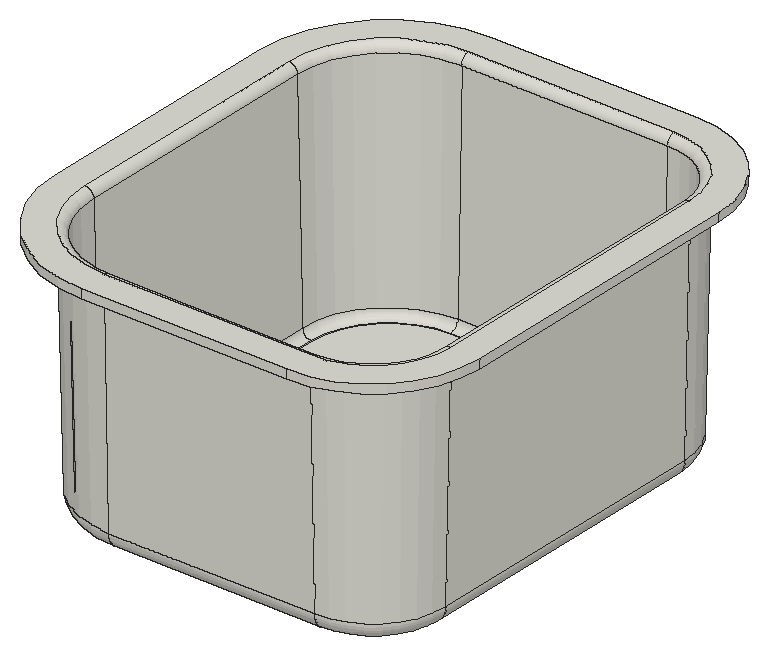
Revit family "Sink-Corian-Sweet-809", category Plumbing Fixtures, host Face, Revit 2015
Parameters (values of type "809")
  Width = 318 mm
  WFU = 0
  Version = "2014 - v1.0a"  # constant formula
  URL = "http://www.dupont.com/products-and-services/construction-materials/surface-design-materials.html"
  Sink Colors Available = "Bone, Cameo White, Designer White, Glacier White, Vanilla"
  Product Page URL = "http://www.dupont.co.uk/products-and-services/construction-materials/surface-design-materials/brands/corian-solid-surfaces/products/sinks.html"
  Model = "Sweet 809"  # constant formula
  Manufacturer = "DuPont"  # constant formula
  Length = 368 mm
  Interior Width = 265 mm
  Interior Length = 316 mm
  HWFU = 0
  Finish = Solid Surface Sink - DuPont - Bone
  Description = "Kitchen Sink Europe Specification"  # constant formula
  Depth = 180.975 mm
  Default Elevation = 1219.2 mm
  Cost = 0
  CWFU = 0
Reference planes
  plane 1 "Center (Front/Back)": y = 0
  plane 2: z = 0
  plane 3 "Center (Left/Right)": x = 0
  plane 4: y = 184
  plane 5: y = -184
  plane 6: x = -159
  plane 7: x = 159
  plane 8: z = -192.975
  plane 9: x = -132.5
  plane 10: x = 132.5
  plane 11: y = 158
  plane 12: y = -158
  plane 13 "NAME": z = -12
Forms (mm)
  Extrusion 1, void
    sketch origin (0, 0, 0) x (1, 0, 0) y (0, 1, 0)
      loop
        line (81.7, 156.905) -> (-65.825, 156.905)
        arc (-65.825, 156.905) -> (-112.197, 137.697) -> (-131.405, 91.325) r 65.58
        line (-131.405, 91.325) -> (-131.405, -91.325)
        arc (-131.405, -91.325) -> (-112.197, -137.697) -> (-65.825, -156.905) r 65.58
        line (-65.825, -156.905) -> (81.7, -156.905)
        arc (81.7, -156.905) -> (116.847, -142.347) -> (131.405, -107.2) r 49.705
        line (131.405, -107.2) -> (131.405, 107.2)
        arc (131.405, 107.2) -> (116.847, 142.347) -> (81.7, 156.905) r 49.705
    from -192.975 to 0
  Sweep 2, solid, material "Solid Surface Sink - DuPont - Bone" <- "Finish"
    path origin (-322.065, -4572, -12) x (-1, 0, 0) y (0, -1, 0)
      loop
        arc (-256.24, -4730) -> (-209.093, -4710.471) -> (-189.565, -4663.325) r 66.675
        line (-189.565, -4663.325) -> (-189.565, -4480.675)
        arc (-189.565, -4480.675) -> (-209.093, -4433.529) -> (-256.24, -4414) r 66.675
        line (-256.24, -4414) -> (-403.765, -4414)
        arc (-403.765, -4414) -> (-439.686, -4428.879) -> (-454.565, -4464.8) r 50.8
        line (-454.565, -4464.8) -> (-454.565, -4679.2)
        arc (-454.565, -4679.2) -> (-439.686, -4715.121) -> (-403.765, -4730) r 50.8
        line (-403.765, -4730) -> (-256.24, -4730)
    profile origin (7.937, 158, -12) x (0, 1, 0) y (0, 0, 1)
      loop
        arc (5.251, 0) -> (0.848, -1.774) -> (-1.095, -6.106) r 6.35
        line (-1.095, -6.106) -> (-4.741, -167.709)
        arc (-4.741, -167.709) -> (-6.607, -172.214) -> (-11.112, -174.08) r 6.371
        line (-11.112, -174.08) -> (-11.112, -180.975)
        arc (-11.112, -180.975) -> (-2.103, -177.196) -> (1.514, -168.121) r 12.629
        line (1.514, -168.121) -> (5.031, -11.932)
        arc (5.031, -11.932) -> (6.807, -7.972) -> (10.832, -6.35) r 5.805
        line (10.832, -6.35) -> (26, -6.35) -> (26, 0) -> (5.251, 0)
  Extrusion 3, void, detail levels medium+fine
    sketch origin (-322.065, -4572, -12) x (0, -1, 0) y (-1, 0, 0)
      loop
        circle (-4572, -322.065) r 44.45
    from 174.08 to 180.975
  Extrusion 4, solid, material "Solid Surface Sink - DuPont - Bone" <- "Finish"
    sketch origin (-322.065, -4572, -12) x (-1, 0, 0) y (0, -1, 0)
      loop
        line (-200.677, -4663.325) -> (-200.677, -4480.675)
        arc (-200.677, -4480.675) -> (-216.951, -4441.386) -> (-256.24, -4425.112) r 55.563
        line (-256.24, -4425.112) -> (-403.765, -4425.113)
        arc (-403.765, -4425.113) -> (-431.828, -4436.737) -> (-443.452, -4464.8) r 39.688
        line (-443.452, -4464.8) -> (-443.452, -4691.9)
        arc (-443.452, -4691.9) -> (-435.548, -4710.983) -> (-416.465, -4718.887) r 26.988
        line (-416.465, -4718.887) -> (-256.24, -4718.888)
        arc (-256.24, -4718.888) -> (-216.951, -4702.614) -> (-200.677, -4663.325) r 55.562
    from -180.975 to -174.08
Cuts and joins
  Extrusion 3 cuts Sweep 2
  Extrusion 3 cuts Extrusion 4
Lines and regions (mm)
  Masking region 1
    outline origin (-322.065, -4572, -12) x (-1, 0, 0) y (0, -1, 0)
      loop
        arc (-256.24, -4756) -> (-190.709, -4728.856) -> (-163.565, -4663.325) r 92.675
        line (-163.565, -4663.325) -> (-163.565, -4480.675)
        arc (-163.565, -4480.675) -> (-190.709, -4415.144) -> (-256.24, -4388) r 92.675
        line (-256.24, -4388) -> (-403.765, -4388)
        arc (-403.765, -4388) -> (-458.071, -4410.494) -> (-480.565, -4464.8) r 76.8
        line (-480.565, -4464.8) -> (-480.565, -4679.2)
        arc (-480.565, -4679.2) -> (-458.071, -4733.506) -> (-403.765, -4756) r 76.8
        line (-403.765, -4756) -> (-256.24, -4756)
      loop
        line (-190.659, -4663.325) -> (-190.659, -4480.675)
        arc (-190.659, -4480.675) -> (-209.867, -4434.303) -> (-256.24, -4415.095) r 65.58
        line (-256.24, -4415.095) -> (-403.765, -4415.095)
        arc (-403.765, -4415.095) -> (-438.912, -4429.653) -> (-453.47, -4464.8) r 49.705
        line (-453.47, -4464.8) -> (-453.47, -4679.2)
        arc (-453.47, -4679.2) -> (-438.912, -4714.347) -> (-403.765, -4728.905) r 49.705
        line (-403.765, -4728.905) -> (-256.24, -4728.905)
        arc (-256.24, -4728.905) -> (-209.867, -4709.697) -> (-190.659, -4663.325) r 65.58
  Masking region 2, detail levels medium+fine
    outline origin (-322.065, -4572, -12) x (-1, 0, 0) y (0, -1, 0)
      loop
        circle (-322.065, -4572) r 44.45
  Masking region 3, detail levels fine
    outline origin (-322.065, -4572, -12) x (-1, 0, 0) y (0, -1, 0)
      loop
        line (-416.465, -4718.887) -> (-256.24, -4718.888)
        arc (-256.24, -4718.888) -> (-216.951, -4702.614) -> (-200.677, -4663.325) r 55.562
        line (-200.677, -4663.325) -> (-200.677, -4480.675)
        arc (-200.677, -4480.675) -> (-216.951, -4441.386) -> (-256.24, -4425.112) r 55.563
        line (-256.24, -4425.112) -> (-403.765, -4425.113)
        arc (-403.765, -4425.113) -> (-431.828, -4436.737) -> (-443.452, -4464.8) r 39.688
        line (-443.452, -4464.8) -> (-443.452, -4691.9)
        arc (-443.452, -4691.9) -> (-435.548, -4710.983) -> (-416.465, -4718.887) r 26.988
Dimensions and locks
  equal spacing: plane 4, plane 1 "Center (Front/Back)", plane 5
  equal spacing: plane 6, plane 3 "Center (Left/Right)", plane 7
  "Length": plane 4 to plane 5
  "Width": plane 6 to plane 7
  equal spacing: plane 9, plane 3 "Center (Left/Right)", plane 10
  equal spacing: plane 11, plane 1 "Center (Front/Back)", plane 12
  "Interior Width": plane 9 to plane 10
  "Interior Length": plane 11 to plane 12
  locked: plane 2 to plane 13 "NAME" at 12
  "Depth": plane 13 "NAME" to plane 8
  plane 3 "Center (Left/Right)" to plane 7 = 159 mm
  locked: plane 4 to Sweep 2 sketch curve (angle 1.28992°)
  locked: profile plane to Sweep 2 sketch curve (angle 1.2927°)
  aligned and locked: plane 2 to host face
  aligned and locked: level to host face
  aligned and locked: Extrusion 1 to plane 8
  aligned and locked: level to Extrusion 1
  aligned and locked: plane 13 "NAME" to Sweep 2 sketch curve  (x2)
  aligned and locked: Extrusion 3 to plane 8
  aligned and locked: Sweep 2 sketch curve to plane 11
  aligned and locked: plane 12 to Sweep 2 sketch curve
  aligned and locked: plane 9 to Sweep 2 sketch curve
  aligned and locked: Sweep 2 sketch curve to plane 10
  aligned and locked: plane 8 to Sweep 2 sketch curve
  aligned and locked: Extrusion 3 to Sweep 2
  aligned and locked: Extrusion 4 sketch curve to cut or joined group of Sweep 2, Extrusion 3  (x3)
  aligned and locked: Extrusion 4 to plane 8
  aligned and locked: Extrusion 4 to cut or joined group of Sweep 2, Extrusion 3
  aligned and locked: plane 3 "Center (Left/Right)" to Extrusion 3 sketch curve
  aligned and locked: plane 4 to Sweep 2 sketch curve
  aligned and locked: Extrusion 1 sketch curve to cut or joined group of Sweep 2, Extrusion 3  (x4)
  aligned and locked: Masking region 1 sketch curve to cut or joined group of Sweep 2, Extrusion 3  (x8)
  aligned and locked: Masking region 2 sketch curve to cut or joined group of Extrusion 3, Extrusion 4  (x2)
  aligned and locked: Masking region 3 sketch curve to cut or joined group of Extrusion 3, Extrusion 4  (x4)
  aligned and locked: plane 1 "Center (Front/Back)" to Extrusion 3 sketch curve
Automatic sketch dimensions
  host sketch curve to host sketch curve = 2438.4 mm  (x2)
  Sweep 2 sketch curve to plane 13 "NAME" = 6.106 mm
  Sweep 2 sketch curve to Sweep 2 sketch curve = 6.256 mm
  Sweep 2 sketch curve to Sweep 2 sketch curve = 6.126 mm
  Sweep 2 sketch curve to Sweep 2 sketch curve = 0.219 mm
  Sweep 2 sketch curve to Sweep 2 sketch curve = 5.801 mm
  Sweep 2 sketch curve to Sweep 2 sketch curve = 6.35 mm
  Sweep 2 sketch curve to Sweep 2 sketch curve = 5.582 mm
  Sweep 2 sketch curve to Sweep 2 sketch curve = 0.637 mm
  Sweep 2 sketch curve to plane 10 = 50.8 mm  (x2)
  Extrusion 4 sketch curve to plane 10 = 38.1 mm
  plane 9 to Sweep 2 sketch curve = 66.675 mm  (x2)
  profile plane to Sweep 2 sketch curve = 11.112 mm
  profile plane to Sweep 2 sketch curve = 4.741 mm
  radius of Extrusion 3 sketch curve = 44.45 mm
Connectors
  piping at (0, 0, -192.975), diameter 88.9
    settings: on cut or joined group of Extrusion 3, Extrusion 4, index 1, connector inside diameter 24", connector length 0 mm, flow factor 0, pipe flow 0 GPM, pressure drop 0.00 psi, fitting loss kfactor 0, connector angle 0.00°, fixture units 0, engagement length 0 mm, angle of deflection 0.00°, flow configuration 0, flow direction 2, fitting loss method 0, system type 16, joint type 0, gender type 0, connector reference index -1, connector utility 0, adjustable connector no, is connector primary yes, connector description "Drain"
